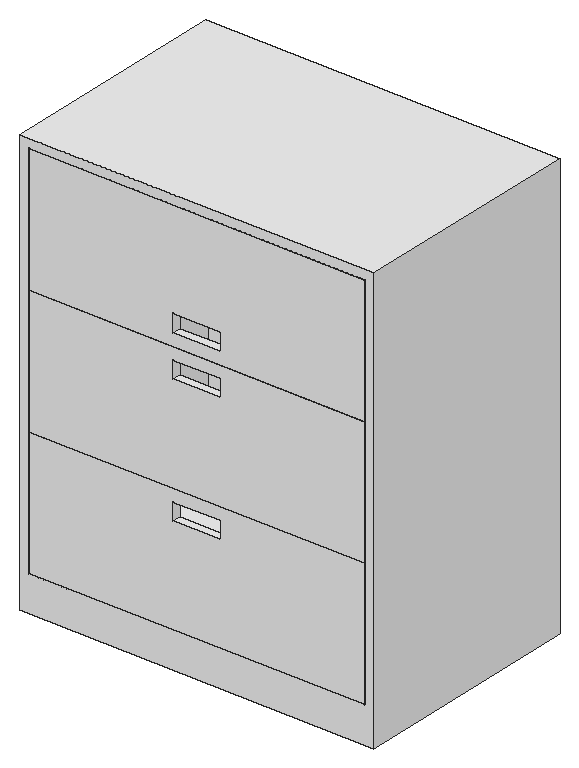
Revit family
Parameters (values of type "760 x 500 x 915mm")
  Keynote = "N"
  Assembly Code = ""
  Depth = 500 mm
  Material = Metal - Steel
  Height = 915 mm
  Width = 760 mm
Reference planes
  plane 1 "Center F/B": y = -934.318
  plane 2: z = 0
  plane 3 "Center L/R": x = -180.023
  plane 4: x = -560.023
  plane 5: x = 199.977
  plane 6: y = -1184.318
  plane 7: y = -684.318
  plane 8: x = 180.927
  plane 9: x = -540.973
  plane 10: y = -703.368
  plane 11: z = 76.2
  plane 12: z = 349.45
  plane 13: z = 622.7
  plane 14: z = 915
  plane 15: z = 895.95
Forms (mm)
  Extrusion 1, solid, material "Metal - Steel" <- "Material"
    sketch origin (0, 0, 0) x (1, 0, 0) y (0, 1, 0)
      loop
        line (-560.023, -684.318) -> (-560.023, -1184.318) -> (199.977, -1184.318) -> (199.977, -684.318) -> (-560.023, -684.318)
    from 0 to 915
  Extrusion 2, void
    sketch origin (-466.689, -1184.318, 1234.106) x (0, 0, -1) y (1, 0, 0)
      loop
        line (338.156, -74.284) -> (1157.906, -74.284) -> (1157.906, 647.616) -> (338.156, 647.616) -> (338.156, -74.284)
    from 0 to -480.95
  Extrusion 3, solid, material "Metal - Steel" <- "Material"
    sketch origin (-560.023, -1184.318, 915) x (0, 0, -1) y (1, 0, 0)
      loop
        line (292.3, 19.05) -> (292.3, 740.95) -> (19.05, 740.95) -> (19.05, 19.05) -> (292.3, 19.05)
    from 0 to -19.05
  Extrusion 4, solid, material "Metal - Steel" <- "Material"
    sketch origin (-560.023, -1184.318, 915) x (0, 0, -1) y (1, 0, 0)
      loop
        line (292.3, 19.05) -> (565.55, 19.05) -> (565.55, 740.95) -> (292.3, 740.95) -> (292.3, 19.05)
    from 0 to -19.05
  Extrusion 5, solid, material "Metal - Steel" <- "Material"
    sketch origin (-560.023, -1184.318, 915) x (0, 0, -1) y (1, 0, 0)
      loop
        line (565.55, 19.05) -> (838.8, 19.05) -> (838.8, 740.95) -> (565.55, 740.95) -> (565.55, 19.05)
    from 0 to -19.05
  Extrusion 6, void
    sketch origin (-560.023, -1184.318, 915) x (0, 0, -1) y (1, 0, 0)
      loop
        line (590.95, 329.2) -> (629.05, 329.2) -> (629.05, 430.8) -> (590.95, 430.8) -> (590.95, 329.2)
    from 0 to -19.05
  Extrusion 7, void
    sketch origin (-560.023, -1184.318, 915) x (0, 0, -1) y (1, 0, 0)
      loop
        line (317.7, 329.2) -> (355.8, 329.2) -> (355.8, 430.8) -> (317.7, 430.8) -> (317.7, 329.2)
      loop
        line (228.8, 329.2) -> (266.9, 329.2) -> (266.9, 430.8) -> (228.8, 430.8) -> (228.8, 329.2)
    from 0 to -19.05
Cuts and joins
  Extrusion 2, Extrusion 6, Extrusion 7 cuts Extrusion 1
  Extrusion 6, Extrusion 7 cuts Extrusion 3
  Extrusion 6, Extrusion 7 cuts Extrusion 4
  Extrusion 6, Extrusion 7 cuts Extrusion 5
Lines and regions (mm)
  Masking region 1
    outline origin (0, 0, 0) x (1, 0, 0) y (0, 1, 0)
      loop
        line (-560.023, -684.318) -> (-560.023, -1184.318) -> (199.977, -1184.318) -> (199.977, -684.318) -> (-560.023, -684.318)
  symbolic lines
    curve 1: line (199.977, -684.318, 0) -> (-560.023, -684.318, 0)
    curve 2: line (-560.023, -684.318, 0) -> (-560.023, -1184.318, 0)
    curve 3: line (-560.023, -1184.318, 0) -> (199.977, -1184.318, 0)
    curve 4: line (199.977, -1184.318, 0) -> (199.977, -684.318, 0)
Dimensions and locks
  equal spacing: plane 4, plane 3 "Center L/R", plane 5
  equal spacing: plane 6, plane 1 "Center F/B", plane 7
  "Depth": plane 6 to plane 7
  "Width": plane 4 to plane 5
  locked: plane 10 to plane 7 at 19.05
  "Height": plane 14 to plane 2
  locked: plane 11 to plane 2 at 76.2
  locked: plane 14 to plane 15 at 19.05
  plane 4 to plane 9 = 19.05 mm
  plane 8 to plane 5 = 19.05 mm
  equal spacing: plane 9, plane 3 "Center L/R", plane 8
  equal spacing: plane 15, plane 13, plane 12, plane 11
  aligned and locked: Extrusion 2 to plane 10
  aligned and locked: plane 14 to Extrusion 1
  aligned and locked: Extrusion 1 to plane 2
  aligned and locked: plane 15 to Extrusion 2
  aligned and locked: Extrusion 2 sketch curve to plane 11
  aligned and locked: plane 15 to cut or joined group of Extrusion 3, Extrusion 6, Extrusion 7
  aligned and locked: curve 1 to cut or joined group of Extrusion 1, Extrusion 2, Extrusion 6, Extrusion 7
  aligned and locked: curve 2 to cut or joined group of Extrusion 1, Extrusion 2, Extrusion 6, Extrusion 7
  aligned and locked: curve 3 to cut or joined group of Extrusion 1, Extrusion 2, Extrusion 6, Extrusion 7
  aligned and locked: curve 4 to cut or joined group of Extrusion 1, Extrusion 2, Extrusion 6, Extrusion 7
  aligned: Masking region 1 sketch curve to cut or joined group of Extrusion 1, Extrusion 2, Extrusion 6, Extrusion 7  (x3)
  aligned: cut or joined group of Extrusion 1, Extrusion 2, Extrusion 6, Extrusion 7 to Masking region 1 sketch curve
Automatic sketch dimensions
  Extrusion 2 sketch curve to plane 8 = 0 mm
  Extrusion 2 sketch curve to plane 15 = 0 mm
  Extrusion 2 sketch curve to plane 9 = 0 mm
  Extrusion 3 sketch curve to plane 9 = 0 mm
  Extrusion 3 sketch curve to plane 8 = 0 mm
  Extrusion 4 sketch curve to plane 9 = 0 mm
  Extrusion 4 sketch curve to plane 8 = 0 mm
  Extrusion 7 sketch curve to plane 3 "Center L/R" = 50.8 mm
  Extrusion 7 sketch curve to Extrusion 7 sketch curve = 0 mm
  plane 3 "Center L/R" to Extrusion 7 sketch curve = 50.8 mm  (x2)
  Masking region 1 sketch curve to plane 4 = 0 mm
  Masking region 1 sketch curve to plane 5 = 0 mm
  Masking region 1 sketch curve to plane 6 = 0 mm
  Masking region 1 sketch curve to plane 7 = 0 mm
